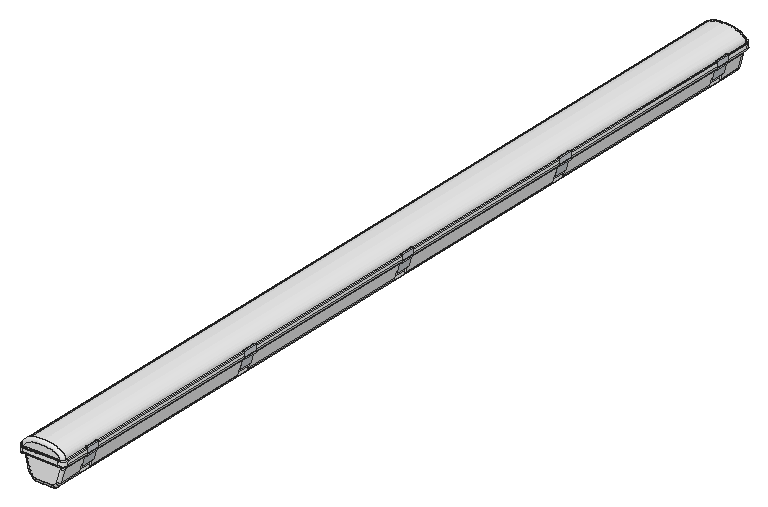
Revit family "0048718 Feilo Sylvania Lighting Fixture SYLPRF SUP LED G3 1500MM S 4K D MW", category Lighting Fixtures, host Face, Revit 2016
Family settings
  Host = Face
  Part Type = Normal
  Round Connector Dimension = Use Diameter
  OmniClass Number = 23.80.70.11.14
  OmniClass Title = General Luminaries, Directional
  Cut with Voids When Loaded = No
  Light Source = Yes
  Shared = No
  Room Calculation Point = No
Parameters (values of type "0048718 SYLPRF SUP LED G3 1500MM S 4K D MW")
  Width = 84 mm
  Weight = "2.12 kg"
  Wattage Comments = "n/a"
  Wattage = 32 W
  WarrantyStartDate [instance] = "n/a"
  WarrantyGuarantorParts = "n/a"
  WarrantyDurationUnit = "n/a"
  WarrantyDurationParts = "n/a"
  WarrantyDescription = "n/a"
  built-in parameter 1150110 = 1 (stored number, unit not read)
  Voltage = 230 V
  URL = "http://www.sylvania-lighting.com"
  TypeName = "SYLPRF SUP LED G3 1500MM S 4K D MW"
  Type Image = <None>
  Type Comments = "n/a"
  built-in parameter 1114217 = 1 (stored number, unit not read)
  Tilt Angle = -90.00°
  built-in parameter 1150109 = 1 (stored number, unit not read)
  built-in parameter 1150134 = 12
  built-in parameter 1150113 = 1 (stored number, unit not read)
  SerialNumber [instance] = "n/a"
  ReflectorMaterial = none
  PowerFactor = 0
  PowerConsumption = "32 W"
  Photometric Web File = "0048718.ies"
  NominalWidth = 0 mm
  NominalLength = 1578 mm
  NominalHeight = 75 mm
  Name = "SYLPRF SUP LED G3 1500MM S 4K D MW"
  ModelReference = "SYLPRF SUP LED G3 1500MM S 4K D MW"
  ModelNumber = "0048718"
  Model = "SYLPRF SUP LED G3 1500MM S 4K D MW"
  Material = "polycarbonate housing, polycarbonate diffuser"
  ManufacturerName = "Feilo Sylvania"
  Manufacturer = "Feilo Sylvania"
  LuminousEfficacy = "150 lm/W"
  built-in parameter 1150105 = 381.97 (stored number, unit not read)
  Lumens = 4800 lm
  LuminaireType = ""
  built-in parameter 1150115 = 1 (stored number, unit not read)
  LightOutputRatio = "n/a"
  built-in parameter 1150137 = (empty or 0)
  built-in parameter 1150139 = (empty or 0)
  Length = 1572 mm
  LampsType = Lamp  # "LED"
  LampNominalLuminous = "4800 lm"
  LampMacAdamStep = "3"
  LampColourTemperature = "4000 K"
  LampColourRenderingIndex = "80"
  built-in parameter 1150112 = 1 (stored number, unit not read)
  built-in parameter 1150114 = 1 (stored number, unit not read)
  Lamp = "LED"
  Keynote = "16500"
  InstallationDate [instance] = "n/a"
  InputVoltage = "220-240V~"
  InputNominalFrequency = "DC/50/60 Hz"
  built-in parameter 1150132 = (empty or 0)
  built-in parameter 1150102 = (empty or 0)
  built-in parameter 1150107 = 4000 (stored number, unit not read)
  built-in parameter 1150138 = (empty or 0)
  IngressProtection = "IP65"
  ImpactProtectionIndex = "IK08"
  built-in parameter 1150106 = 3.8197 (stored number, unit not read)
  IfcExportType = "IfcLightFixtureType"
  IfcExportAs = "IfcLightFixtureType"
  ExpectedLife = 50000
  Emit from Rectangle Width = Width - 20 mm  # 64 mm
  Emit from Rectangle Length = Length - 20 mm  # 1552 mm
  Emit Shape Visible in Rendering = no
  ElectricShockClassification = "Class I"
  built-in parameter 1150104 = 13.935 (stored number, unit not read)
  DurationUnit = "hours"
  DocumentationLiterature = "http://www.sylvania-lighting.com/product/en-int/products/0048718"
  DimmingControlOptions = "Dimmable"
  Dimming Lamp Color Temperature Shift = <None>
  DiffuserMaterial = Diffuser-Sylvania-Transparent
  Description = "Sylproof Superia, integrated LED weatherproof luminaire, with UV stabilized flat diffuser and linear prisms designed to achieve uniform lit appearance, optimise light output and to reduce glare, stainless steel diffuser clips and fixing brackets for surface and wall mounting. L 1578 mm x W 84 mm x H 75 mm size, Polycarbonate housing, Polycarbonate diffuser, DALI dimmable, with MW sensor, 4000K, CRI80,  4800 lm, 32 W, 150 lm/W, nominal average life (h):50000, energy class: A++ A+ A Class I,IK08, IP65."
  Default Elevation = 1219.2 mm
  CreatedOn = "3/27/2018"
  CreatedBy = "aron.fodor@feilosylvania.com"
  Cost = 0
  Color Filter = 16777215
  built-in parameter 1114216 [instance] = (empty or 0)
  ClassificationValue = "EF_70_80"
  ClassificationName = "Uniclass2015"
  BodyMaterial = Body-Sylvania-Gray
  BarCode [instance] = "n/a"
  built-in parameter 1114218 = 1 (stored number, unit not read)
  built-in parameter 1150133 = 10 (stored number, unit not read)
  AssetType = "Fixed"
  AssetIdentifier [instance] = "n/a"
  Assembly Code = "D5020200"
  Apparent Load = 32 VA
  AccessoryMaterial = Diffuser-Sylvania-Glow
Reference planes
  plane 1 "Center (Front/Back)": y = 0
  plane 2: z = 0
  plane 3 "Center (Left/Right)": x = 0
  plane 4: z = 54
  plane 5: x = -14.7
  plane 6: x = -21.8
  plane 7: x = -26.6
  plane 8: x = -29.2
  plane 9: z = 3
  plane 10: z = 7.8
  plane 11: z = 12.3
  plane 12: z = 36.6
  plane 13: z = 42.8
  plane 14: x = -38.1
  plane 15: z = 46.2
  plane 16: x = -42
  plane 17: y = 786
  plane 18: y = -786
  plane 19: x = 14.7
  plane 20: x = 21.8
  plane 21: x = 26.6
  plane 22: x = 29.2
  plane 23: x = 38.1
  plane 24: x = 42
  plane 25: y = 778.4
  plane 26: y = -778.4
  plane 27: y = -774.7
  plane 28: y = 774.7
  plane 29: z = 74
  plane 30: x = -38.5
  plane 31: x = 38.5
  plane 32: z = 55.2
  plane 33: y = -782.5
  plane 34: y = 782.5
  plane 35: x = -24.5
  plane 36: x = 24.5
  plane 37: x = -35.7
  plane 38: x = 35.7
  plane 39: z = 50.2
  plane 40: z = 24.6
  plane 41: y = -720
  plane 42: y = -734
  plane 43: y = -706
  plane 44: y = 720
  plane 45: y = -720
  plane 46: y = -734
  plane 47: y = -706
  plane 48: y = 720
  plane 49: y = 706
  plane 50: y = 734
  plane 51: y = -360
  plane 52: y = -374
  plane 53: y = -346
  plane 54: y = 0
  plane 55: y = -14
  plane 56: y = 14
  plane 57: y = 360
  plane 58: y = 346
  plane 59: y = 374
Forms (mm)
  Sweep 1, solid, material "Body-Sylvania-Gray" <- "BodyMaterial", detail levels medium+fine
    path origin (1223.4, -4572, 54) x (0, -1, 0) y (1, 0, 0)
      loop
        arc (-3796, -1265.4) -> (-3788.929, -1262.471) -> (-3786, -1255.4) r 10
        line (-3786, -1255.4) -> (-3786, -1191.4)
        arc (-3786, -1191.4) -> (-3788.929, -1184.329) -> (-3796, -1181.4) r 10
        line (-3796, -1181.4) -> (-5348, -1181.4)
        arc (-5348, -1181.4) -> (-5355.071, -1184.329) -> (-5358, -1191.4) r 10
        line (-5358, -1191.4) -> (-5358, -1255.4)
        arc (-5358, -1255.4) -> (-5355.071, -1262.471) -> (-5348, -1265.4) r 10
        line (-5348, -1265.4) -> (-3796, -1265.4)
    profile origin (-42, 0, 54) x (-1, 0, 0) y (0, 0, 1)
      loop
        line (0, 0) -> (-1, 0) -> (-1, -7.726)
        arc (-1, -7.726) -> (-1.994, -9.498) -> (-3.9, -10.2) r 2.937
        line (-3.9, -10.2) -> (-8.571, -10.2) -> (-8.571, -11.2) -> (-3.9, -11.2)
        arc (-3.9, -11.2) -> (-1.313, -10.231) -> (0, -7.8) r 3.937
        line (0, -7.8) -> (0, 0)
  Sweep 2, solid, material "Body-Sylvania-Gray" <- "BodyMaterial", detail levels medium+fine
    path origin (0, 0, 0) x (1, 0, 0) y (0, 0, 1)
      loop
        line (35.7, 42.8) -> (35.7, 36.6) -> (29.203, 12.31)
        arc (29.203, 12.31) -> (28.199, 9.884) -> (26.6, 7.8) r 10.052
        line (26.6, 7.8) -> (21.8, 3)
        arc (21.8, 3) -> (18.554, 0.781) -> (14.7, 0) r 9.902
        line (14.7, 0) -> (0, 0) -> (-14.7, 0)
        arc (-14.7, 0) -> (-18.554, 0.781) -> (-21.8, 3) r 9.902
        line (-21.8, 3) -> (-26.6, 7.8)
        arc (-26.6, 7.8) -> (-28.199, 9.884) -> (-29.203, 12.31) r 10.052
        line (-29.203, 12.31) -> (-35.7, 36.6) -> (-35.7, 42.8)
    profile origin (0, 0, 0) x (0, 0, -1) y (0, -1, 0)
      loop
        arc (0, 773.4) -> (-1.464, 776.936) -> (-5, 778.4) r 5
        line (-5, 778.4) -> (-7.8, 778.4) -> (-7.8, -778.4) -> (-5, -778.4)
        arc (-5, -778.4) -> (-1.464, -776.936) -> (0, -773.4) r 5
        line (0, -773.4) -> (0, 773.4)
  Extrusion 3, solid, material "Body-Sylvania-Gray" <- "BodyMaterial", detail levels medium+fine
    sketch origin (1524, 778.4, 1219.2) x (1, 0, 0) y (0, 0, 1)
      loop
        arc (-1545.668, -1204.874) -> (-1545.443, -1205.418) -> (-1545.085, -1205.885) r 2.252
        line (-1545.085, -1205.885) -> (-1540.231, -1210.738)
        arc (-1540.231, -1210.738) -> (-1539.534, -1211.227) -> (-1538.7, -1211.4) r 2.102
        line (-1538.7, -1211.4) -> (-1509.3, -1211.4)
        arc (-1509.3, -1211.4) -> (-1508.466, -1211.227) -> (-1507.769, -1210.738) r 2.102
        line (-1507.769, -1210.738) -> (-1502.915, -1205.885)
        arc (-1502.915, -1205.885) -> (-1502.557, -1205.418) -> (-1502.332, -1204.874) r 2.252
        line (-1502.332, -1204.874) -> (-1496.1, -1181.575) -> (-1496.1, -1176.4) -> (-1551.9, -1176.4) -> (-1551.9, -1181.575) -> (-1545.668, -1204.874)
    from 0 to 1556.8
  Sweep 4, solid, material "Diffuser-Sylvania-Transparent" <- "DiffuserMaterial", detail levels medium+fine
    path origin (0, 0, 0) x (1, 0, 0) y (0, 0, 1)
      loop
        spline (-38.5, 55.2) -> (-37.188, 60.066) -> (-33.342, 64.6) -> (-27.224, 68.494) -> (-19.25, 71.481) -> (-9.965, 73.359) -> (0, 74) -> (9.965, 73.359) -> (19.25, 71.481) -> (27.224, 68.494) -> (33.342, 64.6) -> (37.188, 60.066) -> (38.5, 55.2)
    profile origin (38.5, 0, 55.2) x (0, -1, 0) y (1, 0, 0)
      loop
        arc (782.5, -5.5) -> (780.889, -1.611) -> (777, 0) r 5.5
        line (777, 0) -> (-777, 0)
        arc (-777, 0) -> (-780.889, -1.611) -> (-782.5, -5.5) r 5.5
        line (-782.5, -5.5) -> (-782.5, -6.3) -> (-781.5, -6.3) -> (-781.5, -5.5)
        arc (-781.5, -5.5) -> (-780.182, -2.318) -> (-777, -1) r 4.5
        line (-777, -1) -> (777, -1)
        arc (777, -1) -> (780.182, -2.318) -> (781.5, -5.5) r 4.5
        line (781.5, -5.5) -> (781.5, -6.347) -> (782.5, -6.347) -> (782.5, -5.5)
  Extrusion 5, solid, material "Diffuser-Sylvania-Transparent" <- "DiffuserMaterial", detail levels medium+fine
    sketch origin (1524, -782.5, 1219.2) x (1, 0, 0) y (0, 0, 1)
      loop
        line (-1556.653, -1164) -> (-1491.347, -1164)
        spline (-1491.347, -1164) -> (-1491.939, -1161.945) -> (-1494.434, -1159.066) -> (-1499.342, -1155.96) -> (-1506.338, -1153.35) -> (-1514.799, -1151.648) -> (-1524, -1151.047) -> (-1533.201, -1151.648) -> (-1541.662, -1153.35) -> (-1548.658, -1155.96) -> (-1553.566, -1159.066) -> (-1556.061, -1161.945) -> (-1556.653, -1164)
    from 0 to -1
  Extrusion 6, solid, material "Diffuser-Sylvania-Transparent" <- "DiffuserMaterial", detail levels medium+fine
    sketch origin (1524, 782.5, 1219.2) x (1, 0, 0) y (0, 0, 1)
      loop
        spline (-1491.3, -1164) -> (-1491.898, -1161.922) -> (-1494.404, -1159.03) -> (-1499.322, -1155.918) -> (-1506.325, -1153.305) -> (-1514.793, -1151.602) -> (-1524, -1151) -> (-1533.207, -1151.602) -> (-1541.675, -1153.305) -> (-1548.678, -1155.918) -> (-1553.596, -1159.03) -> (-1556.102, -1161.922) -> (-1556.7, -1164)
        line (-1556.7, -1164) -> (-1491.3, -1164)
    from 0 to 1
  Extrusion 7, solid, material "Diffuser-Sylvania-Glow" <- "AccessoryMaterial", detail levels fine
    sketch origin (0, 0, 0) x (1, 0, 0) y (0, 0, 1)
      loop
        circle (0, 50.2) r 8
    from -774.7 to 774.7
  Extrusion 8, void
    sketch origin (0, -720, 2343.807) x (0, 0, -1) y (-1, 0, 0)
      loop
        line (2340.807, -24.5) -> (2331.507, -24.5) -> (2319.207, -29.2) -> (2319.207, -35.7) -> (2340.807, -35.7) -> (2340.807, -24.5)
      loop
        line (2340.807, 24.5) -> (2340.807, 35.7) -> (2319.207, 35.7) -> (2319.207, 29.2) -> (2331.507, 24.5) -> (2340.807, 24.5)
    from 14 to -14
  Extrusion 9, void, not visible
    sketch origin (0, -720, 2343.807) x (0, 0, -1) y (-1, 0, 0)
      loop
        line (2340.807, -24.5) -> (2331.507, -24.5) -> (2319.207, -29.2) -> (2319.207, -35.7) -> (2340.807, -35.7) -> (2340.807, -24.5)
      loop
        line (2340.807, 24.5) -> (2340.807, 35.7) -> (2319.207, 35.7) -> (2319.207, 29.2) -> (2331.507, 24.5) -> (2340.807, 24.5)
    from 14 to -14
  Extrusion 10, void
    sketch origin (0, 720, 2343.807) x (0, 0, -1) y (-1, 0, 0)
      loop
        line (2340.807, -24.5) -> (2331.507, -24.5) -> (2319.207, -29.2) -> (2319.207, -35.7) -> (2340.807, -35.7) -> (2340.807, -24.5)
      loop
        line (2340.807, 24.5) -> (2340.807, 35.7) -> (2319.207, 35.7) -> (2319.207, 29.2) -> (2331.507, 24.5) -> (2340.807, 24.5)
    from 14 to -14
  Extrusion 11, void
    sketch origin (0, -360, 2343.807) x (0, 0, -1) y (-1, 0, 0)
      loop
        line (2340.807, -24.5) -> (2331.507, -24.5) -> (2319.207, -29.2) -> (2319.207, -35.7) -> (2340.807, -35.7) -> (2340.807, -24.5)
      loop
        line (2340.807, 24.5) -> (2340.807, 35.7) -> (2319.207, 35.7) -> (2319.207, 29.2) -> (2331.507, 24.5) -> (2340.807, 24.5)
    from 14 to -14
  Extrusion 12, void
    sketch origin (0, 0, 2343.807) x (0, 0, -1) y (-1, 0, 0)
      loop
        line (2340.807, -24.5) -> (2331.507, -24.5) -> (2319.207, -29.2) -> (2319.207, -35.7) -> (2340.807, -35.7) -> (2340.807, -24.5)
      loop
        line (2340.807, 24.5) -> (2340.807, 35.7) -> (2319.207, 35.7) -> (2319.207, 29.2) -> (2331.507, 24.5) -> (2340.807, 24.5)
    from 14 to -14
  Extrusion 13, void
    sketch origin (0, 360, 2343.807) x (0, 0, -1) y (-1, 0, 0)
      loop
        line (2340.807, -24.5) -> (2331.507, -24.5) -> (2319.207, -29.2) -> (2319.207, -35.7) -> (2340.807, -35.7) -> (2340.807, -24.5)
      loop
        line (2340.807, 24.5) -> (2340.807, 35.7) -> (2319.207, 35.7) -> (2319.207, 29.2) -> (2331.507, 24.5) -> (2340.807, 24.5)
    from 14 to -14
  Extrusion 14, solid, material "Diffuser-Sylvania-Transparent" <- "DiffuserMaterial", detail levels medium+fine
    sketch origin (1223.4, -4572, 54) x (0, -1, 0) y (-1, 0, 0)
      loop
        arc (-5348, 1265.4) -> (-5355.071, 1262.471) -> (-5358, 1255.4) r 10
        line (-5358, 1255.4) -> (-5358, 1191.4)
        arc (-5358, 1191.4) -> (-5355.071, 1184.329) -> (-5348, 1181.4) r 10
        line (-5348, 1181.4) -> (-3796, 1181.4)
        arc (-3796, 1181.4) -> (-3788.929, 1184.329) -> (-3786, 1191.4) r 10
        line (-3786, 1191.4) -> (-3786, 1255.4)
        arc (-3786, 1255.4) -> (-3788.929, 1262.471) -> (-3796, 1265.4) r 10
        line (-3796, 1265.4) -> (-5348, 1265.4)
      loop
        arc (-5354.5, 1190.394) -> (-5352.887, 1186.509) -> (-5349, 1184.9) r 5.5
        line (-5349, 1184.9) -> (-3795, 1184.9)
        arc (-3795, 1184.9) -> (-3791.113, 1186.509) -> (-3789.5, 1190.394) r 5.5
        line (-3789.5, 1190.394) -> (-3789.5, 1256.406)
        arc (-3789.5, 1256.406) -> (-3791.113, 1260.291) -> (-3795, 1261.9) r 5.5
        line (-3795, 1261.9) -> (-5349, 1261.9)
        arc (-5349, 1261.9) -> (-5352.887, 1260.291) -> (-5354.5, 1256.406) r 5.5
        line (-5354.5, 1256.406) -> (-5354.5, 1190.394)
    from 0 to -1.2
  Extrusion 15, solid, material "Body-Sylvania-Gray" <- "BodyMaterial", detail levels coarse
    sketch origin (0, 0, 0) x (1, 0, 0) y (0, 0, 1)
      loop
        line (-42, 55.2) -> (-42, 42.8) -> (-26.6, 0) -> (26.6, 0) -> (42, 42.8) -> (42, 55.2) -> (-42, 55.2)
    from -786 to 786
  Extrusion 16, solid, material "Diffuser-Sylvania-Transparent" <- "DiffuserMaterial", detail levels coarse
    sketch origin (0, 0, 0) x (1, 0, 0) y (0, 0, 1)
      loop
        line (-38.5, 55.2) -> (38.5, 55.2)
        arc (38.5, 55.2) -> (0, 74) -> (-38.5, 55.2) r 48.822
    from -778.4 to 778.4
Cuts and joins
  Extrusion 8, Extrusion 10, Extrusion 11, Extrusion 12, Extrusion 13 cuts Sweep 2
  Extrusion 8, Extrusion 10, Extrusion 11, Extrusion 12, Extrusion 13 cuts Extrusion 3
  joined: Sweep 2, Extrusion 3
  joined: Sweep 4, Extrusion 5, Extrusion 6, Extrusion 14
Dimensions and locks
  locked: plane 4 to plane 2 at 54
  plane 5 to plane 6 to plane 7 to plane 8 to plane 14 to plane 16 = 7.1 mm locked, 4.8 mm locked, 2.6 mm locked, 8.9 mm locked, 3.9 mm locked
  plane 4 to plane 15 to plane 13 to plane 12 to plane 11 to plane 10 to plane 9 = 7.8 mm locked, 3.4 mm, 6.2 mm locked, 24.3 mm locked, 4.5 mm locked, 4.8 mm locked
  equal spacing: plane 18, plane 1 "Center (Front/Back)", plane 17
  "Length": plane 18 to plane 17
  plane 19 to plane 20 to plane 21 to plane 22 to plane 23 to plane 24 = 7.1 mm locked, 4.8 mm locked, 2.6 mm locked, 8.9 mm, 3.9 mm
  equal spacing: plane 24, plane 3 "Center (Left/Right)", plane 16
  "Width": plane 24 to plane 16
  equal spacing: plane 27, plane 1 "Center (Front/Back)", plane 28
  locked: plane 26 to plane 27 at 3.7
  locked: Sweep 1 sketch curve to profile plane at 1
  locked: Sweep 1 sketch curve to plane 13 at 1
  locked: Sweep 1 sketch curve to plane 13 at 3.937  (x2)
  locked: Sweep 1 sketch curve to profile plane at 3.9  (x2)
  plane 29 to plane 4 = 20 mm
  equal spacing: plane 31, plane 3 "Center (Left/Right)", plane 30
  locked: plane 30 to plane 16 at 3.5
  locked: plane 32 to plane 4 at 1.2
  equal spacing: plane 33, plane 1 "Center (Front/Back)", plane 34
  equal spacing: plane 36, plane 3 "Center (Left/Right)", plane 35
  locked: plane 34 to plane 17 at 3.5
  equal spacing: plane 38, plane 3 "Center (Left/Right)", plane 37
  locked: plane 37 to plane 16 at 6.3
  equal spacing: plane 25, plane 1 "Center (Front/Back)", plane 26
  locked: plane 17 to plane 25 at 7.6
  locked: Sweep 2 sketch curve to plane 2 at 5  (x2)
  locked: Sweep 2 sketch curve to plane 26 at 5
  locked: plane 25 to Sweep 2 sketch curve at 5
  locked: Sweep 4 sketch curve to plane 31 at 5.5  (x2)
  locked: Sweep 4 sketch curve to plane 34 at 5.5
  plane 33 to Sweep 4 sketch curve = 5.5 mm
  locked: plane 34 to Sweep 4 sketch curve at 1
  locked: Sweep 4 sketch curve to plane 31 at 1
  locked: Sweep 4 sketch curve to Sweep 4 sketch curve at 1
  locked: Sweep 4 sketch curve to plane 31 at 6.347
  locked: Sweep 4 sketch curve to plane 31 at 6.3
  locked: plane 40 to plane 2 at 24.6
  locked: plane 6 to plane 35 at 2.7
  locked: plane 1 "Center (Front/Back)" to plane 41 at 720
  plane 43 to plane 41 to plane 42 = 14 mm locked, 14 mm locked
  locked: plane 44 to plane 1 "Center (Front/Back)" at 720
  plane 47 to plane 45 to plane 46 = 14 mm locked, 14 mm locked
  plane 50 to plane 48 to plane 49 = 14 mm locked, 14 mm locked  (x2)
  equal spacing: group 1, group 6, group 7, group 8, group 5  (x3)
  plane 53 to plane 51 to plane 52 = 14 mm locked, 14 mm locked  (x2)
  plane 56 to plane 54 to plane 55 = 14 mm locked, 14 mm locked  (x2)
  plane 59 to plane 57 to plane 58 = 14 mm locked, 14 mm locked  (x2)
  plane 48 to plane 57 to plane 1 "Center (Front/Back)" to plane 51 to plane 41 = 360 mm locked, 360 mm locked, 360 mm locked, 360 mm locked
  aligned and locked: plane 2 to host face
  aligned and locked: level to host face
  aligned and locked: plane 16 to Sweep 1 sketch curve
  aligned and locked: Sweep 1 sketch curve to plane 24
  aligned and locked: plane 18 to Sweep 1 sketch curve
  aligned and locked: Sweep 1 sketch curve to plane 13
  aligned and locked: profile plane to Sweep 1 sketch curve
  aligned and locked: plane 3 "Center (Left/Right)" to Sweep 2 sketch curve
  aligned and locked: plane 9 to Sweep 2 sketch curve
  aligned and locked: plane 10 to Sweep 2 sketch curve
  aligned and locked: plane 37 to Sweep 2 sketch curve
  aligned and locked: plane 12 to Sweep 2 sketch curve
  aligned and locked: Sweep 2 sketch curve to level
  aligned and locked: plane 21 to Sweep 2 sketch curve
  aligned and locked: plane 38 to Sweep 2 sketch curve
  aligned and locked: profile plane to Sweep 2 sketch curve
  aligned and locked: plane 25 to Sweep 2 sketch curve
  aligned and locked: Sweep 2 sketch curve to plane 10
  aligned and locked: Extrusion 3 sketch curve to Sweep 2  (x7)
  aligned and locked: Sweep 2 to Extrusion 3 sketch curve
  aligned and locked: Extrusion 3 to plane 25
  aligned and locked: plane 26 to Extrusion 3
  aligned and locked: plane 32 to Sweep 4 sketch curve
  aligned and locked: plane 33 to Sweep 4 sketch curve
  aligned and locked: Sweep 4 to Extrusion 5
  aligned and locked: plane 33 to Extrusion 5
  aligned and locked: plane 39 to Extrusion 7 sketch curve
  aligned and locked: plane 27 to Extrusion 7
  aligned and locked: Extrusion 7 to plane 28
  aligned and locked: Extrusion 6 sketch curve to Sweep 4
  aligned and locked: Extrusion 5 sketch curve to Sweep 4
  aligned and locked: Extrusion 8 to plane 43
  aligned and locked: plane 42 to Extrusion 8
  aligned and locked: Extrusion 10 to plane 50
  aligned and locked: plane 49 to Extrusion 10
  aligned and locked: Extrusion 11 to plane 53
  aligned and locked: plane 52 to Extrusion 11
  aligned and locked: Extrusion 12 to plane 56
  aligned and locked: plane 55 to Extrusion 12
  aligned and locked: Extrusion 13 to plane 59
  aligned and locked: plane 58 to Extrusion 13
  aligned and locked: plane 3 "Center (Left/Right)" to Extrusion 7 sketch curve
  aligned and locked: Extrusion 14 sketch curve to Sweep 1  (x4)
  aligned and locked: Extrusion 14 to plane 32
  aligned and locked: plane 4 to Extrusion 14
  aligned and locked: plane 48 to nested 1
  aligned and locked: plane 57 to nested 2
  aligned and locked: plane 54 to nested 3
  aligned and locked: nested 4 to plane 51
  aligned and locked: nested 5 to plane 41
  aligned and locked: plane 41 to nested 10
  aligned and locked: plane 51 to nested 9
  aligned and locked: plane 54 to nested 8
  aligned and locked: plane 57 to nested 7
  aligned and locked: plane 48 to nested 6
  aligned and locked: plane 1 "Center (Front/Back)" to imposter light
  aligned and locked: plane 3 "Center (Left/Right)" to imposter light
  aligned and locked: imposter light to plane 29
  aligned and locked: plane 7 to Extrusion 15 sketch curve
  aligned and locked: plane 2 to Extrusion 15 sketch curve
  aligned and locked: Extrusion 15 sketch curve to nested 6
  aligned and locked: Extrusion 15 sketch curve to nested 1
  aligned and locked: plane 18 to Extrusion 15
  aligned and locked: Extrusion 15 to plane 17
  aligned and locked: Extrusion 15 to Sweep 1  (x2)
  aligned and locked: plane 30 to Extrusion 16 sketch curve
  aligned and locked: plane 31 to Extrusion 16 sketch curve
  aligned and locked: Extrusion 16 sketch curve to cut or joined group of Sweep 4, Extrusion 5, Extrusion 6, Extrusion 14
  aligned and locked: Extrusion 16 to plane 25
  aligned and locked: plane 26 to Extrusion 16
Automatic sketch dimensions
  host sketch curve to host sketch curve = 2438.4 mm  (x2)
  plane 17 to Sweep 1 sketch curve = 0 mm
  Sweep 1 sketch curve to plane 28 = 1.3 mm
  Sweep 1 sketch curve to plane 7 = 5.4 mm
  plane 27 to Sweep 1 sketch curve = 1.3 mm  (x2)
  Sweep 1 sketch curve to Sweep 1 sketch curve = 4.671 mm
  Sweep 1 sketch curve to plane 4 = 0 mm
  Sweep 2 sketch curve to plane 7 = 0 mm
  Sweep 2 sketch curve to plane 6 = 0 mm
  Sweep 2 sketch curve to plane 5 = 0 mm
  plane 19 to Sweep 2 sketch curve = 0 mm
  Sweep 2 sketch curve to plane 9 = 0 mm
  plane 20 to Sweep 2 sketch curve = 0 mm
  Sweep 2 sketch curve to plane 12 = 0 mm
  Sweep 2 sketch curve to plane 10 = 0 mm
  Sweep 2 sketch curve to plane 13 = 0 mm  (x2)
  Sweep 2 sketch curve to plane 8 = 0.003 mm
  plane 6 to Sweep 2 sketch curve = 2.308 mm
  plane 20 to Sweep 2 sketch curve = 2.308 mm
  Sweep 2 sketch curve to plane 22 = 0.003 mm
  Sweep 2 sketch curve to plane 11 = 0.01 mm  (x2)
  Extrusion 3 sketch curve to plane 5 = 0 mm
  plane 19 to Extrusion 3 sketch curve = 0 mm
  plane 6 to Extrusion 3 sketch curve = 0.132 mm
  plane 6 to Extrusion 3 sketch curve = 0.715 mm
  Extrusion 3 sketch curve to Extrusion 3 sketch curve = 1.592 mm
  Extrusion 3 sketch curve to plane 10 = 0.662 mm  (x2)
  plane 20 to Extrusion 3 sketch curve = 2.308 mm
  plane 20 to Extrusion 3 sketch curve = 0.715 mm
  plane 20 to Extrusion 3 sketch curve = 0.132 mm
  Sweep 4 sketch curve to plane 30 = 0 mm
  Sweep 4 sketch curve to plane 3 "Center (Left/Right)" = 0 mm
  Sweep 4 sketch curve to Sweep 4 sketch curve = 0 mm  (x2)
  plane 37 to Extrusion 6 sketch curve = 3 mm
  Extrusion 6 sketch curve to plane 38 = 3 mm
  plane 37 to Extrusion 5 sketch curve = 3.047 mm
  Extrusion 5 sketch curve to plane 38 = 3.047 mm
  Extrusion 8 sketch curve to Extrusion 8 sketch curve = 0 mm
  Extrusion 8 sketch curve to Extrusion 8 sketch curve = 12.3 mm  (x2)
  Extrusion 8 sketch curve to Extrusion 8 sketch curve = 9.3 mm  (x2)
  Extrusion 8 sketch curve to Extrusion 8 sketch curve = 6.5 mm  (x2)
  Extrusion 8 sketch curve to Extrusion 8 sketch curve = 4.7 mm  (x2)
  Extrusion 8 sketch curve to Extrusion 8 sketch curve = 49 mm
  Extrusion 9 sketch curve to Extrusion 9 sketch curve = 0 mm
  Extrusion 9 sketch curve to Extrusion 9 sketch curve = 12.3 mm  (x2)
  Extrusion 9 sketch curve to Extrusion 9 sketch curve = 9.3 mm  (x2)
  Extrusion 9 sketch curve to Extrusion 9 sketch curve = 6.5 mm  (x2)
  Extrusion 9 sketch curve to Extrusion 9 sketch curve = 4.7 mm  (x2)
  Extrusion 9 sketch curve to Extrusion 9 sketch curve = 49 mm
  Extrusion 10 sketch curve to Extrusion 10 sketch curve = 0 mm
  Extrusion 10 sketch curve to Extrusion 10 sketch curve = 12.3 mm  (x2)
  Extrusion 10 sketch curve to Extrusion 10 sketch curve = 9.3 mm  (x2)
  Extrusion 10 sketch curve to Extrusion 10 sketch curve = 6.5 mm  (x2)
  Extrusion 10 sketch curve to Extrusion 10 sketch curve = 4.7 mm  (x2)
  Extrusion 10 sketch curve to Extrusion 10 sketch curve = 49 mm
  Extrusion 11 sketch curve to Extrusion 11 sketch curve = 0 mm
  Extrusion 11 sketch curve to Extrusion 11 sketch curve = 12.3 mm  (x2)
  Extrusion 11 sketch curve to Extrusion 11 sketch curve = 9.3 mm  (x2)
  Extrusion 11 sketch curve to Extrusion 11 sketch curve = 6.5 mm  (x2)
  Extrusion 11 sketch curve to Extrusion 11 sketch curve = 4.7 mm  (x2)
  Extrusion 11 sketch curve to Extrusion 11 sketch curve = 49 mm
  Extrusion 12 sketch curve to Extrusion 12 sketch curve = 0 mm
  Extrusion 12 sketch curve to Extrusion 12 sketch curve = 12.3 mm  (x2)
  Extrusion 12 sketch curve to Extrusion 12 sketch curve = 9.3 mm  (x2)
  Extrusion 12 sketch curve to Extrusion 12 sketch curve = 6.5 mm  (x2)
  Extrusion 12 sketch curve to Extrusion 12 sketch curve = 4.7 mm  (x2)
  Extrusion 12 sketch curve to Extrusion 12 sketch curve = 49 mm
  Extrusion 13 sketch curve to Extrusion 13 sketch curve = 0 mm
  Extrusion 13 sketch curve to Extrusion 13 sketch curve = 12.3 mm  (x2)
  Extrusion 13 sketch curve to Extrusion 13 sketch curve = 9.3 mm  (x2)
  Extrusion 13 sketch curve to Extrusion 13 sketch curve = 6.5 mm  (x2)
  Extrusion 13 sketch curve to Extrusion 13 sketch curve = 4.7 mm  (x2)
  Extrusion 13 sketch curve to Extrusion 13 sketch curve = 49 mm
  Extrusion 14 sketch curve to plane 34 = 0 mm
  plane 30 to Extrusion 14 sketch curve = 0 mm
  Extrusion 14 sketch curve to plane 31 = 0 mm
  plane 33 to Extrusion 14 sketch curve = 0 mm
  plane 25 to Extrusion 14 sketch curve = 1.4 mm  (x4)
  Extrusion 14 sketch curve to plane 26 = 1.4 mm  (x4)
  plane 37 to Extrusion 14 sketch curve = 2.694 mm  (x2)
  Extrusion 14 sketch curve to plane 38 = 2.694 mm  (x2)
  plane 21 to Extrusion 15 sketch curve = 0 mm
  Extrusion 15 sketch curve to plane 13 = 0 mm  (x2)
  Extrusion 15 sketch curve to plane 32 = 0 mm
  Extrusion 16 sketch curve to plane 40 = 0.578 mm
  radius of Extrusion 7 sketch curve = 8 mm
Nested families
  nested 1: "Clip" at (-29.2, 720, 24.6) x (-1, 0, 0) z (0, 0, 1), type "Clip", detail levels fine
  nested 2: "Clip" at (-29.2, 360, 24.6) x (-1, 0, 0) z (0, 0, 1), type "Clip", detail levels fine
  nested 3: "Clip" at (-29.2, 0, 24.6) x (-1, 0, 0) z (0, 0, 1), type "Clip", detail levels fine
  nested 4: "Clip" at (-29.2, -360, 24.6) x (-1, 0, 0) z (0, 0, 1), type "Clip", detail levels fine
  nested 5: "Clip" at (-29.2, -720, 24.6) x (-1, 0, 0) z (0, 0, 1), type "Clip", detail levels fine
  nested 6: "Clip" at (29.2, 720, 24.6), type "Clip", detail levels fine
  nested 7: "Clip" at (29.2, 360, 24.6), type "Clip", detail levels fine
  nested 8: "Clip" at (29.2, 0, 24.6), type "Clip", detail levels fine
  nested 9: "Clip" at (29.2, -360, 24.6), type "Clip", detail levels fine
  nested 10: "Clip" at (29.2, -720, 24.6), type "Clip", detail levels fine
Connectors
  electrical at (0, 0, 0), driven by "Apparent Load"
    settings: index 1, voltage 230 V, apparent load 32 VA, apparent load phase1 0 VA, apparent load phase2 0 VA, apparent load phase3 0 VA, power factor 0, load classification "Lighting", number of poles 1, system type 30, power factor state 1, is connector primary yes, connector utility no, sub classification motor no, connector description ""
Definition of nested family "Clip"
  Parameters (values of type "Clip")
    URL = "http://www.feilosylvania.com"
    Type Comments = "n/a"
    Model = "n/a"
    Manufacturer = "Feilo Sylvania"
    Keynote = "n/a"
    Description = "n/a"
    Default Elevation = 1219.2 mm
    Cost = 0
    BodyMaterial = none
    Assembly Code = "n/a"
  Reference planes
    plane 1 "Center (Front/Back)": y = 0
    plane 2: z = 0
    plane 3 "Center (Left/Right)": x = 0
    plane 4: x = 3.3
    plane 5: x = 6.5
    plane 6: x = 8.9
    plane 7: x = 12.8
    plane 8: z = 12
    plane 9: z = 18.2
    plane 10: z = 21.6
    plane 11: z = 30.6
    plane 12: x = 9.3
    plane 13: z = 19.2
    plane 14: z = 16.2
    plane 15: x = 10.1
    plane 16: y = 12
    plane 17: y = -12
  Forms (mm)
    Extrusion 1, solid
      sketch origin (-0.8, 0, 0) x (1, 0, 0) y (0, 1, 0)
        loop
          line (-1219.2, 1219.2) -> (-1219.2, -1219.2) -> (1219.2, -1219.2) -> (1219.2, 1219.2) -> (-1219.2, 1219.2)
      from 0 to -304.8
    Extrusion 2, solid
      sketch origin (0, 0, 0) x (1, 0, 0) y (0, 0, 1)
        loop
          line (8.9, 16.2) -> (4.58, 0) -> (0, 0) -> (0, -0.8) -> (5.195, -0.8) -> (9.603, 15.731) -> (13.6, 18.806) -> (13.6, 30.6)
          arc (13.6, 30.6) -> (11.45, 32.75) -> (9.3, 30.6) r 2.15
          line (9.3, 30.6) -> (10.1, 30.6)
          arc (10.1, 30.6) -> (11.45, 31.95) -> (12.8, 30.6) r 1.35
          line (12.8, 30.6) -> (12.8, 19.2) -> (8.9, 16.2)
      from -12 to 12
  Lines and regions (mm)
    reference lines
      curve 1: line (3.3, 0, 0) -> (6.5, 0, 12)
      curve 2: arc (8.9, 0, 18.2) -> (11.488, 0, 19.169) -> (12.8, 0, 21.6) r 3.934
  Dimensions and locks
    plane 7 to plane 6 to plane 5 to plane 4 to plane 3 "Center (Left/Right)" = 3.9 mm locked, 2.4 mm locked, 3.2 mm locked, 3.3 mm locked
    plane 11 to plane 10 to plane 9 to plane 8 to plane 2 = 9 mm locked, 3.4 mm locked, 6.2 mm locked, 12 mm locked
    locked: plane 7 to plane 12 at 3.5
    locked: plane 13 to plane 9 at 1
    locked: plane 9 to plane 14 at 2
    locked: plane 15 to plane 12 at 0.8
    locked: plane 2 to Extrusion 2 sketch curve at 0.8
    locked: Extrusion 2 sketch curve to Extrusion 2 sketch curve at 0.8  (x3)
    locked: plane 7 to Extrusion 2 sketch curve at 1.35
    equal spacing: plane 17, plane 1 "Center (Front/Back)", plane 16
    locked: plane 1 "Center (Front/Back)" to plane 16 at 12
    aligned and locked: plane 2 to Extrusion 1
    aligned and locked: level to Extrusion 1
    aligned and locked: plane 4 to curve 1
    aligned and locked: plane 5 to curve 1
    aligned and locked: plane 6 to curve 2
    aligned and locked: plane 10 to curve 2
    aligned and locked: plane 14 to Extrusion 2 sketch curve
    aligned and locked: plane 13 to Extrusion 2 sketch curve
    aligned and locked: plane 7 to Extrusion 2 sketch curve
    aligned and locked: plane 3 "Center (Left/Right)" to Extrusion 2 sketch curve
    aligned and locked: Extrusion 2 sketch curve to level
    aligned and locked: Extrusion 2 sketch curve to plane 11
    aligned and locked: plane 11 to Extrusion 2 sketch curve
    aligned and locked: Extrusion 2 to plane 16
    aligned and locked: plane 17 to Extrusion 2
  Automatic sketch dimensions
    Extrusion 1 sketch curve to Extrusion 1 sketch curve = 2438.4 mm  (x2)
    curve 2 to plane 7 = 0 mm
    curve 1 to level = 0 mm
    curve 1 to plane 8 = 0 mm
    curve 2 to plane 9 = 0 mm
    plane 6 to curve 2 = 0.002 mm
    Extrusion 2 sketch curve to Extrusion 2 sketch curve = 0 mm
    Extrusion 2 sketch curve to plane 6 = 0 mm
    plane 4 to Extrusion 2 sketch curve = 1.28 mm
